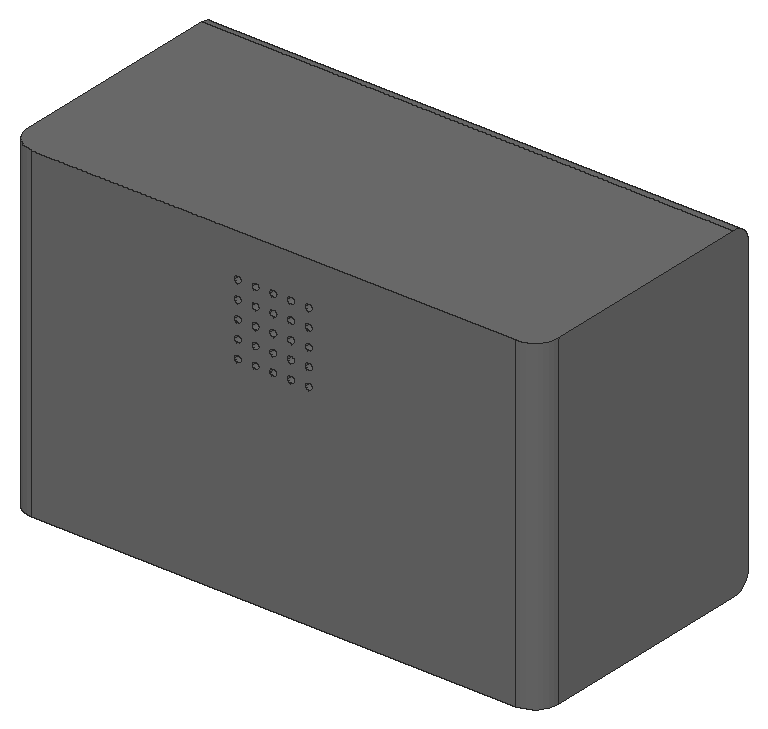
Revit family "PROOX Eletronic handdryer EN", category Furniture, Revit 2014
Parameters (values of type "ONE dark passion")
  URL = "http://www.proox.com/"
  Type Comments = "ONE dark passion"
  Product webpage [instance] = "http://www.proox.com/EN/hand-dryer-black/"
  Product data sheet = "http://www.proox.com/fileadmin/dam/Download/Produktdatenbl%C3%A4tter/english/Productspecification_PU-010.pdf"
  Model = "DP-010"
  Material = Aluminum, black anodised
  Manufacturer = "PROOX Ltd."  # constant formula
  Keynote = ""
  EAN-No. = "9120050350151"
  Description = "handdryer PROOX ONE dark passion made from aluminum black anodized"
  Cost = 599
  BIM objects producer = "www.BIMtelligent.eu"  # constant formula
  Specification = "Powerful hand dryer made out from glass pearl blasted and black anodised aluminum. Cover 3 mm thickness. Intended for wall mounting, with optoelectronic sensor. Perforated design area with 4mm drillings. Drying time less then 10 seconds. Air temperature 55°C, 500W motor, 500W heater element, Air output adjustable as well as the sensor detection range from 5 to 33cm. Automatic switch-off mode after 60 sec. Includes stainless steel screws and anchors. Cables for installation not included."
Types (3, lengths in mm): name | Type Comments | Product webpage | Model | Material | EAN-No. | Description | Cost | Specification
  (no name) | "ONE dark passion" | "http://www.proox.com/EN/hand-dryer-black/" | "DP-010" | Aluminum, black anodised | "9120050350151" | "handdryer PROOX ONE dark passion made from aluminum black anodized" | 599 | "Powerful hand dryer made out from glass pearl blasted and black anodised aluminum. Cover 3 mm thickness. Intended for wall mounting, with optoelectronic sensor. Perforated design area with 4mm drillings. Drying time less then 10 seconds. Air temperature 55°C, 500W motor, 500W heater element, Air output adjustable as well as the sensor detection range from 5 to 33cm. Automatic switch-off mode after 60 sec. Includes stainless steel screws and anchors. Cables for installation not included."
  ONE pure | "ONE pure" | "http://www.proox.com/EN/products/hand-dryer/one-pure/" | "PU-010" | Stainless steel, brushed | "9120050350014" | "handdryer PROOX ONE pure made from stainless steel" | 569 | "Powerful hand dryer made out of stainless steel. Surface with fine brushed structure. Cover 1.5 mm thickness. Intended for wall mounting, with optoelectronic sensor. Perforated design area with 4mm drillings. Drying time less then 10 seconds. Air temperature 55°C, 500W motor, 500W heater element, air output adjustable from 5 to 33cm. Air output adjustable. Automatic switch-off mode after 60 sec. Includes stainless steel screws and anchors. Cables for installation not included."
  ONE dark passion | "ONE dark passion" | "http://www.proox.com/EN/hand-dryer-black/" | "DP-010" | Aluminum, black anodised | "9120050350151" | "handdryer PROOX ONE dark passion made from aluminum black anodized" | 599 | "Powerful hand dryer made out from glass pearl blasted and black anodised aluminum. Cover 3 mm thickness. Intended for wall mounting, with optoelectronic sensor. Perforated design area with 4mm drillings. Drying time less then 10 seconds. Air temperature 55°C, 500W motor, 500W heater element, Air output adjustable as well as the sensor detection range from 5 to 33cm. Automatic switch-off mode after 60 sec. Includes stainless steel screws and anchors. Cables for installation not included."
Reference planes
  plane 1 "Center (Front/Back)": y = 0
  plane 2: z = 0
  plane 3 "Center (Left/Right)": x = 0
  plane 4: x = -150
  plane 5: x = 150
  plane 6: y = -147
  plane 7: z = 160.5
Forms (mm)
  Extrusion 1, solid, material "Aluminum, black anodised" <- "Material", detail levels coarse+medium
    sketch origin (0, 0, 0) x (1, 0, 0) y (0, 1, 0)
      loop
        line (-150, 0) -> (-150, -147) -> (150, -147) -> (150, 0) -> (-150, 0)
    from 0 to 185
  Extrusion 2, solid, material "Aluminum, black anodised" <- "Material", detail levels fine
    sketch origin (0, 0, 0) x (1, 0, 0) y (0, 1, 0)
      loop
        line (-150, 0) -> (-150, -133.5)
        arc (-150, -133.5) -> (-146.046, -143.046) -> (-136.5, -147) r 13.5
        line (-136.5, -147) -> (136.5, -147)
        arc (136.5, -147) -> (146.046, -143.046) -> (150, -133.5) r 13.5
        line (150, -133.5) -> (150, 0) -> (-150, 0)
    from 0 to 185
  Extrusion 3, void
    sketch origin (0, 0, 0) x (0, 1, 0) y (0, 0, 1)
      loop
        line (0, 185) -> (-10, 185)
        arc (-10, 185) -> (-2.929, 182.071) -> (0, 175) r 10
        line (0, 175) -> (0, 185)
      loop
        line (0, 0) -> (0, 10)
        arc (0, 10) -> (-2.929, 2.929) -> (-10, 0) r 10
        line (-10, 0) -> (0, 0)
    from -150 to 150
  Extrusion 4, void
    sketch origin (0, 0, 0) x (1, 0, 0) y (0, 0, 1)
      loop
        circle (0, 160.5) r 2
      loop
        circle (-10, 160.5) r 2
      loop
        circle (-20, 160.5) r 2
      loop
        circle (10, 160.5) r 2
      loop
        circle (20, 160.5) r 2
      loop
        circle (0, 150.5) r 2
      loop
        circle (-10, 150.5) r 2
      loop
        circle (-20, 150.5) r 2
      loop
        circle (10, 150.5) r 2
      loop
        circle (20, 150.5) r 2
      loop
        circle (0, 140.5) r 2
      loop
        circle (-10, 140.5) r 2
      loop
        circle (-20, 140.5) r 2
      loop
        circle (10, 140.5) r 2
      loop
        circle (20, 140.5) r 2
      loop
        circle (0, 130.5) r 2
      loop
        circle (-10, 130.5) r 2
      loop
        circle (-20, 130.5) r 2
      loop
        circle (10, 130.5) r 2
      loop
        circle (20, 130.5) r 2
      loop
        circle (0, 120.5) r 2
      loop
        circle (-10, 120.5) r 2
      loop
        circle (-20, 120.5) r 2
      loop
        circle (10, 120.5) r 2
      loop
        circle (20, 120.5) r 2
    from 142 to 147
Cuts and joins
  Extrusion 3, Extrusion 4 cuts Extrusion 2
Dimensions and locks
  equal spacing: plane 4, plane 3 "Center (Left/Right)", plane 5
  aligned and locked: level to plane 2
  aligned and locked: plane 1 "Center (Front/Back)" to Extrusion 1 sketch curve
  aligned and locked: Extrusion 1 sketch curve to plane 4
  aligned and locked: plane 6 to Extrusion 1 sketch curve
  aligned and locked: plane 5 to Extrusion 1 sketch curve
  aligned and locked: Extrusion 2 sketch curve to Extrusion 1  (x4)
  aligned and locked: Extrusion 3 sketch curve to Extrusion 1  (x2)
  aligned and locked: plane 1 "Center (Front/Back)" to Extrusion 3 sketch curve
  aligned and locked: Extrusion 3 sketch curve to Extrusion 2
Automatic sketch dimensions
  Extrusion 2 sketch curve to Extrusion 2 sketch curve = 13.5 mm  (x2)
  Extrusion 3 sketch curve to plane 1 "Center (Front/Back)" = 0 mm  (x3)
  level to Extrusion 3 sketch curve = 10 mm
  plane 1 "Center (Front/Back)" to Extrusion 3 sketch curve = 10 mm
  Extrusion 3 sketch curve to Extrusion 3 sketch curve = 0 mm  (x4)
  Extrusion 4 sketch curve to plane 7 = 0 mm  (x5)
  Extrusion 4 sketch curve to plane 3 "Center (Left/Right)" = 0 mm  (x5)
  Extrusion 4 sketch curve to plane 3 "Center (Left/Right)" = 10 mm  (x3)
  Extrusion 4 sketch curve to Extrusion 4 sketch curve = 0 mm  (x12)
  Extrusion 4 sketch curve to Extrusion 4 sketch curve = 10 mm  (x17)
  plane 3 "Center (Left/Right)" to Extrusion 4 sketch curve = 10 mm  (x4)
  plane 7 to Extrusion 4 sketch curve = 10 mm  (x4)
  radius of Extrusion 4 sketch curve = 2 mm  (x25)
